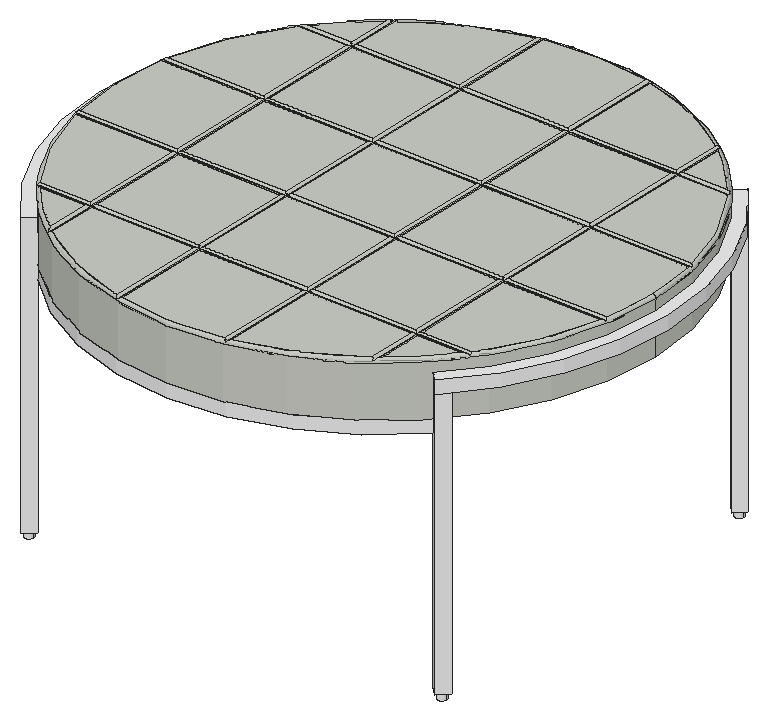
Revit family
Parameters
  Win = Width - 0' 1 1/2"  # 2' - 7 1/2"
  Width = 2' - 9"  # constant formula
  URL = "http://elanbydecca.com/"
  Upholstery [instance] = Furniture - DECCA (Elan) - Ethos - Upholstery
  RW-3/4 = Width / 2 - 0' 0 3/4"  # 1' - 3 3/4"
  RW-1 1/2 = Width / 2 - 0' 1 1/2"  # 1' - 3"
  RW = Width / 2  # 1' - 4 1/2"
  Base [instance] = Furniture - DECCA (Elan) - Ethos - Base
  Product URL = "http://elanbydecca.com/PDFs/elan_tearsheet-vertex.pdf"
  Model = "FT BE620"
  Manufacturer = "Decca Contract"
  Height = 1' - 5 1/2"  # constant formula
  Description = "Ethos, Bench"
  Depth = Width  # 2' - 9"
  Assembly Description = "Furniture & Accessories"
  Assembly Code = "E2020200"
Reference planes (in)
  plane 1 "Center Front/Back": y = -0.7524
  plane 2: z = 0
  plane 3 "Center Left/Right": x = 0
  plane 4 "L": x = -16.5
  plane 5 "R": x = 16.5
  plane 6 "F": y = -17.2524
  plane 7: y = 15.7476
  plane 8: through (-6.25338, 2.33237, 23.38953) normal (0.4297, -0.4297, 0.7941)
  plane 9 "ST": z = 17.5
  plane 10: z = 0.375
  plane 11: x = -15.75
  plane 12: x = 15.75
  plane 13: z = 16.75
  plane 14: z = 16
  plane 15: z = 13.57168
  plane 16: z = 14.32168
  plane 17: y = 14.9976
  plane 18: y = -16.5024
  plane 19: x = -0.375
  plane 20: x = 0.375
  plane 21: y = 2.3976
  plane 22: y = -3.9024
  plane 23: x = 3.15
  plane 24: x = 9.45
  plane 25: y = -10.2024
  plane 26: y = 8.6976
  plane 27: x = -3.15
  plane 28: x = -9.45
Forms (in)
  Sweep 1, void
    path origin (0, 0, 17.5) x (-1, 0, 0) y (0, -1, 0)
      loop
        line (16.5, -2.3976) -> (-16.5, -2.3976)
    profile origin (0, 2.3976, 17.5) x (0, 1, 0) y (0, 0, 1)
      loop
        arc (0.2207, 0) -> (0, 0.2207) -> (-0.2207, 0) r 0.2207
        line (-0.2207, 0) -> (-0.1796, 0)
        arc (-0.1796, 0) -> (-0.09086, -0.02233) -> (-0.02325, -0.08401) r 0.1875
        line (-0.02325, -0.08401) -> (0, -0.11914) -> (0.02325, -0.08401)
        arc (0.02325, -0.08401) -> (0.09086, -0.02233) -> (0.1796, 0) r 0.1875
        line (0.1796, 0) -> (0.2207, 0)
  Sweep 2, void
    path origin (0, -6.66667, 17.5) x (-1, 0, 0) y (0, -1, 0)
      loop
        line (16.5, -2.76427) -> (-16.5, -2.76427)
    profile origin (0, -3.9024, 17.5) x (0, 1, 0) y (0, 0, 1)
      loop
        arc (0.2207, 0) -> (0, 0.2207) -> (-0.2207, 0) r 0.2207
        line (-0.2207, 0) -> (-0.1796, 0)
        arc (-0.1796, 0) -> (-0.09086, -0.02233) -> (-0.02325, -0.08401) r 0.1875
        line (-0.02325, -0.08401) -> (0, -0.11914) -> (0.02325, -0.08401)
        arc (0.02325, -0.08401) -> (0.09086, -0.02233) -> (0.1796, 0) r 0.1875
        line (0.1796, 0) -> (0.2207, 0)
  Extrusion 3, solid, material "Furniture - DECCA (Elan) - Ethos - Base" <- "Base"
    sketch origin (0, 0, 17.5) x (-1, 0, 0) y (0, -1, 0)
      loop
        line (11.45029, -10.0621) -> (12.0078, -10.56408)
        arc (12.0078, -10.56408) -> (16.5, 0.7524) -> (12.0078, 12.06888) r 16.5
        line (12.0078, 12.06888) -> (11.45029, 11.5669)
        arc (11.45029, 11.5669) -> (15.75, 0.7524) -> (11.45029, -10.0621) r 15.75
      loop
        arc (-11.45029, -10.0621) -> (-15.75, 0.7524) -> (-11.45029, 11.5669) r 15.75
        line (-11.45029, 11.5669) -> (-12.0078, 12.06888)
        arc (-12.0078, 12.06888) -> (-16.5, 0.7524) -> (-12.0078, -10.56408) r 16.5
        line (-12.0078, -10.56408) -> (-11.45029, -10.0621)
    from -1.5 to -0.75
  Extrusion 4, solid, material "Furniture - DECCA (Elan) - Ethos - Base" <- "Base"
    sketch origin (0, 0, 17.5) x (-1, 0, 0) y (0, -1, 0)
      loop
        line (11.45029, -10.0621) -> (12.0078, -10.56408)
        arc (12.0078, -10.56408) -> (12.26189, -10.28826) -> (12.50965, -10.00672) r 16.5
        line (12.50965, -10.00672) -> (11.95214, -9.50474)
        arc (11.95214, -9.50474) -> (11.70453, -9.78641) -> (11.45029, -10.0621) r 15.75
      loop
        arc (11.45029, 11.5669) -> (11.70453, 11.29121) -> (11.95214, 11.00954) r 15.75
        line (11.95214, 11.00954) -> (12.50965, 11.51152)
        arc (12.50965, 11.51152) -> (12.26189, 11.79305) -> (12.0078, 12.06888) r 16.5
        line (12.0078, 12.06888) -> (11.45029, 11.5669)
      loop
        arc (-12.0078, 12.06888) -> (-12.26189, 11.79305) -> (-12.50965, 11.51152) r 16.5
        line (-12.50965, 11.51152) -> (-11.95214, 11.00954)
        arc (-11.95214, 11.00954) -> (-11.70453, 11.29121) -> (-11.45029, 11.5669) r 15.75
        line (-11.45029, 11.5669) -> (-12.0078, 12.06888)
      loop
        line (-12.0078, -10.56408) -> (-11.45029, -10.0621)
        arc (-11.45029, -10.0621) -> (-11.70453, -9.78641) -> (-11.95214, -9.50474) r 15.75
        line (-11.95214, -9.50474) -> (-12.50965, -10.00672)
        arc (-12.50965, -10.00672) -> (-12.26189, -10.28826) -> (-12.0078, -10.56408) r 16.5
    from -17.125 to -1.5
  Extrusion 5, solid, material "Furniture - DECCA (Elan) - Ethos - Base" <- "Base"
    sketch origin (0, 0, 17.5) x (-1, 0, 0) y (0, -1, 0)
      loop
        line (-10.89276, 11.0649) -> (0, 1.25701) -> (10.89276, 11.0649)
        arc (10.89276, 11.0649) -> (0, 15.7524) -> (-10.89276, 11.0649) r 15
      loop
        arc (-10.89276, -9.5601) -> (0, -14.2476) -> (10.89276, -9.5601) r 15
        line (10.89276, -9.5601) -> (0, 0.24779) -> (-10.89276, -9.5601)
      loop
        arc (-11.95214, -9.50474) -> (0, -14.9976) -> (11.95214, -9.50474) r 15.75
        line (11.95214, -9.50474) -> (0.56043, 0.7524) -> (11.95214, 11.00954)
        arc (11.95214, 11.00954) -> (0, 16.5024) -> (-11.95214, 11.00954) r 15.75
        line (-11.95214, 11.00954) -> (-0.56043, 0.7524) -> (-11.95214, -9.50474)
    from -3.92832 to -3.17832
  Extrusion 6, solid, material "Furniture - DECCA (Elan) - Ethos - Base" <- "Base"
    sketch origin (0, 0, 17.5) x (-1, 0, 0) y (0, -1, 0)
      loop
        circle (11.97997, 11.53921) r 0.25
      loop
        circle (-11.97997, 11.53921) r 0.25
      loop
        circle (11.97997, -10.03441) r 0.25
      loop
        circle (-11.97997, -10.03441) r 0.25
    from -17.5 to -17.125
  Extrusion 7, solid, material "Furniture - DECCA (Elan) - Ethos - Upholstery" <- "Upholstery"
    sketch origin (0, 0, 17.5) x (-1, 0, 0) y (0, -1, 0)
      loop
        circle (0, 0.7524) r 15.75
    from -3.17832 to 0
  Sweep 8, void
    path origin (0, 0, 17.5) x (-1, 0, 0) y (0, -1, 0)
      loop
        circle (0, 0.7524) r 15.75
    profile origin (0, -16.5024, 17.5) x (0, 1, 0) y (0, 0, 1)
      loop
        arc (0.1875, 0) -> (-0.13258, 0.13258) -> (0, -0.1875) r 0.1875
        arc (0, -0.1875) -> (0.05492, -0.05492) -> (0.1875, 0) r 0.1875
  Sweep 9, void
    path origin (0, -12.96667, 17.5) x (-1, 0, 0) y (0, -1, 0)
      loop
        line (16.5, -2.76427) -> (-16.5, -2.76427)
    profile origin (0, -10.2024, 17.5) x (0, 1, 0) y (0, 0, 1)
      loop
        arc (0.2207, 0) -> (0, 0.2207) -> (-0.2207, 0) r 0.2207
        line (-0.2207, 0) -> (-0.1796, 0)
        arc (-0.1796, 0) -> (-0.09086, -0.02233) -> (-0.02325, -0.08401) r 0.1875
        line (-0.02325, -0.08401) -> (0, -0.11914) -> (0.02325, -0.08401)
        arc (0.02325, -0.08401) -> (0.09086, -0.02233) -> (0.1796, 0) r 0.1875
        line (0.1796, 0) -> (0.2207, 0)
  Sweep 10, void
    path origin (0, 5.93333, 17.5) x (-1, 0, 0) y (0, -1, 0)
      loop
        line (16.5, -2.76427) -> (-16.5, -2.76427)
    profile origin (0, 8.6976, 17.5) x (0, 1, 0) y (0, 0, 1)
      loop
        arc (0.2207, 0) -> (0, 0.2207) -> (-0.2207, 0) r 0.2207
        line (-0.2207, 0) -> (-0.1796, 0)
        arc (-0.1796, 0) -> (-0.09086, -0.02233) -> (-0.02325, -0.08401) r 0.1875
        line (-0.02325, -0.08401) -> (0, -0.11914) -> (0.02325, -0.08401)
        arc (0.02325, -0.08401) -> (0.09086, -0.02233) -> (0.1796, 0) r 0.1875
        line (0.1796, 0) -> (0.2207, 0)
  Sweep 11, void
    path origin (-0.7524, -0.7524, 17.5) x (0, -1, 0) y (1, 0, 0)
      loop
        line (16.5, -2.3976) -> (-16.5, -2.3976)
    profile origin (-3.15, -0.7524, 17.5) x (-1, 0, 0) y (0, 0, 1)
      loop
        arc (0.2207, 0) -> (0, 0.2207) -> (-0.2207, 0) r 0.2207
        line (-0.2207, 0) -> (-0.1796, 0)
        arc (-0.1796, 0) -> (-0.09086, -0.02233) -> (-0.02325, -0.08401) r 0.1875
        line (-0.02325, -0.08401) -> (0, -0.11914) -> (0.02325, -0.08401)
        arc (0.02325, -0.08401) -> (0.09086, -0.02233) -> (0.1796, 0) r 0.1875
        line (0.1796, 0) -> (0.2207, 0)
  Sweep 12, void
    path origin (5.91427, -0.7524, 17.5) x (0, -1, 0) y (1, 0, 0)
      loop
        line (16.5, -2.76427) -> (-16.5, -2.76427)
    profile origin (3.15, -0.7524, 17.5) x (-1, 0, 0) y (0, 0, 1)
      loop
        arc (0.2207, 0) -> (0, 0.2207) -> (-0.2207, 0) r 0.2207
        line (-0.2207, 0) -> (-0.1796, 0)
        arc (-0.1796, 0) -> (-0.09086, -0.02233) -> (-0.02325, -0.08401) r 0.1875
        line (-0.02325, -0.08401) -> (0, -0.11914) -> (0.02325, -0.08401)
        arc (0.02325, -0.08401) -> (0.09086, -0.02233) -> (0.1796, 0) r 0.1875
        line (0.1796, 0) -> (0.2207, 0)
  Sweep 13, void
    path origin (12.21427, -0.7524, 17.5) x (0, -1, 0) y (1, 0, 0)
      loop
        line (16.5, -2.76427) -> (-16.5, -2.76427)
    profile origin (9.45, -0.7524, 17.5) x (-1, 0, 0) y (0, 0, 1)
      loop
        arc (0.2207, 0) -> (0, 0.2207) -> (-0.2207, 0) r 0.2207
        line (-0.2207, 0) -> (-0.1796, 0)
        arc (-0.1796, 0) -> (-0.09086, -0.02233) -> (-0.02325, -0.08401) r 0.1875
        line (-0.02325, -0.08401) -> (0, -0.11914) -> (0.02325, -0.08401)
        arc (0.02325, -0.08401) -> (0.09086, -0.02233) -> (0.1796, 0) r 0.1875
        line (0.1796, 0) -> (0.2207, 0)
  Sweep 14, void
    path origin (-6.68573, -0.7524, 17.5) x (0, -1, 0) y (1, 0, 0)
      loop
        line (16.5, -2.76427) -> (-16.5, -2.76427)
    profile origin (-9.45, -0.7524, 17.5) x (-1, 0, 0) y (0, 0, 1)
      loop
        arc (0.2207, 0) -> (0, 0.2207) -> (-0.2207, 0) r 0.2207
        line (-0.2207, 0) -> (-0.1796, 0)
        arc (-0.1796, 0) -> (-0.09086, -0.02233) -> (-0.02325, -0.08401) r 0.1875
        line (-0.02325, -0.08401) -> (0, -0.11914) -> (0.02325, -0.08401)
        arc (0.02325, -0.08401) -> (0.09086, -0.02233) -> (0.1796, 0) r 0.1875
        line (0.1796, 0) -> (0.2207, 0)
Cuts and joins
  joined: Extrusion 3, Extrusion 4, Extrusion 5, Extrusion 6
  Sweep 1, Sweep 2, Sweep 8, Sweep 9, Sweep 10, Sweep 11, Sweep 12, Sweep 13, Sweep 14 cuts Extrusion 7
Dimensions and locks (in)
  equal spacing: plane 4 "L", plane 3 "Center Left/Right", plane 5 "R"
  equal spacing: plane 7, plane 1 "Center Front/Back", plane 6 "F"
  "Width": plane 4 "L" to plane 5 "R"
  "Depth": plane 7 to plane 6 "F"
  "Height": plane 9 "ST" to level
  locked: plane 4 "L" to plane 11 at 0.75
  locked: plane 12 to plane 5 "R" at 0.75
  locked: plane 7 to plane 17 at 0.75
  locked: plane 18 to plane 6 "F" at 0.75
  plane 19 to plane 3 "Center Left/Right" to plane 20 = 0' - 0 3/8" locked, 0' - 0 3/8" locked
  "Win": Extrusion 5 sketch curve to Extrusion 5 sketch curve  (x2)
  equal spacing: plane 11, plane 28, plane 27, plane 23, plane 24, plane 12
  equal spacing: plane 18, plane 25, plane 22, plane 21, plane 26, plane 17
  "RW": radius of Extrusion 3 sketch curve  (x2)
  "RW-3/4": radius of Extrusion 3 sketch curve  (x2)
  "RW-3/4": radius of Extrusion 5 sketch curve  (x2)
  "RW-1 1/2": radius of Extrusion 5 sketch curve  (x2)
  "RW-3/4": radius of Extrusion 7 sketch curve
  locked: plane 4 "L" to Extrusion 5 sketch curve (angle 48.00°)
  locked: Extrusion 5 sketch curve to plane 4 "L" (angle 48.00°)
  locked: plane 6 "F" to Extrusion 5 sketch curve (angle 42.00°)
  locked: Extrusion 5 sketch curve to plane 6 "F" (angle 42.00°)
  locked: plane 5 "R" to Extrusion 5 sketch curve (angle 48.00°)
  locked: Extrusion 5 sketch curve to plane 5 "R" (angle 48.00°)
  locked: Extrusion 5 sketch curve to plane 7 (angle 42.00°)
  locked: plane 7 to Extrusion 5 sketch curve (angle 42.00°)
  locked: cut or joined group of Extrusion 3, Extrusion 4, Extrusion 5, Extrusion 6 to plane 4 "L" (angle 48.00°)
  locked: plane 4 "L" to cut or joined group of Extrusion 3, Extrusion 4, Extrusion 5, Extrusion 6 (angle 48.00°)
  locked: cut or joined group of Extrusion 3, Extrusion 4, Extrusion 5, Extrusion 6 to plane 5 "R" (angle 48.00°)
  locked: plane 5 "R" to cut or joined group of Extrusion 3, Extrusion 4, Extrusion 5, Extrusion 6 (angle 48.00°)
  aligned and locked: profile plane to Sweep 1 sketch curve  (x2)
  aligned and locked: profile plane to Sweep 2 sketch curve  (x2)
  aligned and locked: Extrusion 3 to plane 14
  aligned and locked: plane 13 to Extrusion 3
  aligned and locked: Extrusion 4 sketch curve to Extrusion 3  (x8)
  aligned and locked: Extrusion 4 to plane 10
  aligned and locked: plane 14 to Extrusion 4
  aligned and locked: Extrusion 5 to plane 15
  aligned and locked: plane 16 to Extrusion 5
  aligned and locked: Extrusion 6 to level
  aligned and locked: plane 10 to Extrusion 6
  aligned and locked: Extrusion 7 to plane 16
  aligned and locked: plane 9 "ST" to Extrusion 7
  aligned and locked: profile plane to Sweep 9 sketch curve  (x2)
  aligned and locked: profile plane to Sweep 10 sketch curve  (x2)
  aligned and locked: profile plane to Sweep 11 sketch curve  (x2)
  aligned and locked: profile plane to Sweep 12 sketch curve  (x2)
  aligned and locked: profile plane to Sweep 13 sketch curve  (x2)
  aligned and locked: profile plane to Sweep 14 sketch curve  (x2)
Automatic sketch dimensions
  Sweep 1 sketch curve to plane 5 "R" = 0' - 0"
  Sweep 1 sketch curve to plane 4 "L" = 0' - 0"
  Sweep 1 sketch curve to plane 21 = 0' - 0"
  Sweep 1 sketch curve to profile plane = 0' - 0"  (x2)
  profile plane to Sweep 1 sketch curve = 0' - 0.02325"
  profile plane to Sweep 1 sketch curve = 0' - 0.1796"
  Sweep 1 sketch curve to Sweep 1 sketch curve = 0' - 0.0411"  (x2)
  Sweep 1 sketch curve to profile plane = 0' - 0.02325"
  Sweep 1 sketch curve to plane 9 "ST" = 0' - 0.08401"
  Sweep 1 sketch curve to Sweep 1 sketch curve = 0' - 0"
  Sweep 1 sketch curve to Sweep 1 sketch curve = 0' - 0.03513"
  Sweep 2 sketch curve to plane 5 "R" = 0' - 0"
  Sweep 2 sketch curve to plane 4 "L" = 0' - 0"
  Sweep 2 sketch curve to plane 22 = 0' - 0"
  Sweep 2 sketch curve to profile plane = 0' - 0"  (x2)
  profile plane to Sweep 2 sketch curve = 0' - 0.02325"
  profile plane to Sweep 2 sketch curve = 0' - 0.1796"
  Sweep 2 sketch curve to Sweep 2 sketch curve = 0' - 0.0411"  (x2)
  Sweep 2 sketch curve to profile plane = 0' - 0.02325"
  Sweep 2 sketch curve to plane 9 "ST" = 0' - 0.08401"
  Sweep 2 sketch curve to Sweep 2 sketch curve = 0' - 0"
  Sweep 2 sketch curve to Sweep 2 sketch curve = 0' - 0.03513"
  Extrusion 3 sketch curve to Extrusion 3 sketch curve = 0' - 0"  (x6)
  plane 1 "Center Front/Back" to Extrusion 3 sketch curve = 0' - 0"
  Extrusion 3 sketch curve to plane 3 "Center Left/Right" = 0' - 0"
  Extrusion 3 sketch curve to plane 25 = 0' - 1.3645"  (x2)
  plane 26 to Extrusion 3 sketch curve = 0' - 1.3645"  (x2)
  Extrusion 4 sketch curve to Extrusion 4 sketch curve = 0' - 0"  (x8)
  plane 26 to Extrusion 4 sketch curve = 0' - 1.86648"
  plane 26 to Extrusion 4 sketch curve = 0' - 1.30912"
  Extrusion 4 sketch curve to Extrusion 4 sketch curve = 0' - 0.50185"  (x5)
  plane 26 to Extrusion 4 sketch curve = 0' - 0.80714"
  Extrusion 4 sketch curve to plane 25 = 0' - 0.80714"
  Extrusion 4 sketch curve to Extrusion 4 sketch curve = 0' - 0.55751"
  plane 26 to Extrusion 4 sketch curve = 0' - 1.3645"
  Extrusion 4 sketch curve to plane 25 = 0' - 1.86648"
  Extrusion 5 sketch curve to Extrusion 5 sketch curve = 0' - 0"  (x12)
  plane 1 "Center Front/Back" to Extrusion 5 sketch curve = 0' - 0"  (x3)
  Extrusion 5 sketch curve to plane 3 "Center Left/Right" = 0' - 0"  (x3)
  Extrusion 5 sketch curve to plane 20 = 0' - 0.18543"
  Extrusion 5 sketch curve to Extrusion 5 sketch curve = 0' - 1.05937"  (x2)
  Extrusion 5 sketch curve to plane 19 = 0' - 0.18543"
  plane 24 to Extrusion 6 sketch curve = 0' - 2.52997"  (x2)
  Extrusion 6 sketch curve to plane 28 = 0' - 2.52997"  (x2)
  plane 26 to Extrusion 6 sketch curve = 0' - 1.33681"  (x2)
  Extrusion 6 sketch curve to plane 25 = 0' - 1.33681"  (x2)
  plane 1 "Center Front/Back" to Extrusion 7 sketch curve = 0' - 0"
  Extrusion 7 sketch curve to plane 3 "Center Left/Right" = 0' - 0"
  Sweep 8 sketch curve to profile plane = 0' - 0"  (x2)
  Sweep 8 sketch curve to Sweep 8 sketch curve = 0' - 0 3/16"
  Sweep 9 sketch curve to plane 5 "R" = 0' - 0"
  Sweep 9 sketch curve to plane 4 "L" = 0' - 0"
  Sweep 9 sketch curve to plane 25 = 0' - 0"
  Sweep 9 sketch curve to profile plane = 0' - 0"  (x2)
  profile plane to Sweep 9 sketch curve = 0' - 0.02325"
  profile plane to Sweep 9 sketch curve = 0' - 0.1796"
  Sweep 9 sketch curve to Sweep 9 sketch curve = 0' - 0.0411"  (x2)
  Sweep 9 sketch curve to profile plane = 0' - 0.02325"
  Sweep 9 sketch curve to plane 9 "ST" = 0' - 0.08401"
  Sweep 9 sketch curve to Sweep 9 sketch curve = 0' - 0"
  Sweep 9 sketch curve to Sweep 9 sketch curve = 0' - 0.03513"
  Sweep 10 sketch curve to plane 5 "R" = 0' - 0"
  Sweep 10 sketch curve to plane 4 "L" = 0' - 0"
  Sweep 10 sketch curve to plane 26 = 0' - 0"
  Sweep 10 sketch curve to profile plane = 0' - 0"  (x2)
  profile plane to Sweep 10 sketch curve = 0' - 0.02325"
  profile plane to Sweep 10 sketch curve = 0' - 0.1796"
  Sweep 10 sketch curve to Sweep 10 sketch curve = 0' - 0.0411"  (x2)
  Sweep 10 sketch curve to profile plane = 0' - 0.02325"
  Sweep 10 sketch curve to plane 9 "ST" = 0' - 0.08401"
  Sweep 10 sketch curve to Sweep 10 sketch curve = 0' - 0"
  Sweep 10 sketch curve to Sweep 10 sketch curve = 0' - 0.03513"
  Sweep 11 sketch curve to plane 7 = 0' - 0"
  Sweep 11 sketch curve to plane 6 "F" = 0' - 0"
  Sweep 11 sketch curve to plane 27 = 0' - 0"
  Sweep 11 sketch curve to profile plane = 0' - 0"  (x2)
  profile plane to Sweep 11 sketch curve = 0' - 0.02325"
  profile plane to Sweep 11 sketch curve = 0' - 0.1796"
  Sweep 11 sketch curve to Sweep 11 sketch curve = 0' - 0.0411"  (x2)
  Sweep 11 sketch curve to profile plane = 0' - 0.02325"
  Sweep 11 sketch curve to plane 9 "ST" = 0' - 0.08401"
  Sweep 11 sketch curve to Sweep 11 sketch curve = 0' - 0"
  Sweep 11 sketch curve to Sweep 11 sketch curve = 0' - 0.03513"
  Sweep 12 sketch curve to plane 7 = 0' - 0"
  Sweep 12 sketch curve to plane 6 "F" = 0' - 0"
  Sweep 12 sketch curve to plane 23 = 0' - 0"
  Sweep 12 sketch curve to profile plane = 0' - 0"  (x2)
  profile plane to Sweep 12 sketch curve = 0' - 0.02325"
  profile plane to Sweep 12 sketch curve = 0' - 0.1796"
  Sweep 12 sketch curve to Sweep 12 sketch curve = 0' - 0.0411"  (x2)
  Sweep 12 sketch curve to profile plane = 0' - 0.02325"
  Sweep 12 sketch curve to plane 9 "ST" = 0' - 0.08401"
  Sweep 12 sketch curve to Sweep 12 sketch curve = 0' - 0"
  Sweep 12 sketch curve to Sweep 12 sketch curve = 0' - 0.03513"
  Sweep 13 sketch curve to plane 7 = 0' - 0"
  Sweep 13 sketch curve to plane 6 "F" = 0' - 0"
  Sweep 13 sketch curve to plane 24 = 0' - 0"
  Sweep 13 sketch curve to profile plane = 0' - 0"  (x2)
  profile plane to Sweep 13 sketch curve = 0' - 0.02325"
  profile plane to Sweep 13 sketch curve = 0' - 0.1796"
  Sweep 13 sketch curve to Sweep 13 sketch curve = 0' - 0.0411"  (x2)
  Sweep 13 sketch curve to profile plane = 0' - 0.02325"
  Sweep 13 sketch curve to plane 9 "ST" = 0' - 0.08401"
  Sweep 13 sketch curve to Sweep 13 sketch curve = 0' - 0"
  Sweep 13 sketch curve to Sweep 13 sketch curve = 0' - 0.03513"
  Sweep 14 sketch curve to plane 7 = 0' - 0"
  Sweep 14 sketch curve to plane 6 "F" = 0' - 0"
  Sweep 14 sketch curve to plane 28 = 0' - 0"
  Sweep 14 sketch curve to profile plane = 0' - 0"  (x2)
  profile plane to Sweep 14 sketch curve = 0' - 0.02325"
  profile plane to Sweep 14 sketch curve = 0' - 0.1796"
  Sweep 14 sketch curve to Sweep 14 sketch curve = 0' - 0.0411"  (x2)
  Sweep 14 sketch curve to profile plane = 0' - 0.02325"
  Sweep 14 sketch curve to plane 9 "ST" = 0' - 0.08401"
  Sweep 14 sketch curve to Sweep 14 sketch curve = 0' - 0"
  Sweep 14 sketch curve to Sweep 14 sketch curve = 0' - 0.03513"
  Extrusion 3 sketch curve to Extrusion 3 sketch curve = 0' - 0.55751"  (x3)
  plane 26 to Extrusion 3 sketch curve = 0' - 1.86648"
  radius of Extrusion 6 sketch curve = 0' - 0 1/4"  (x4)
  radius of Sweep 8 sketch curve to Extrusion 7 = 0' - 0"
